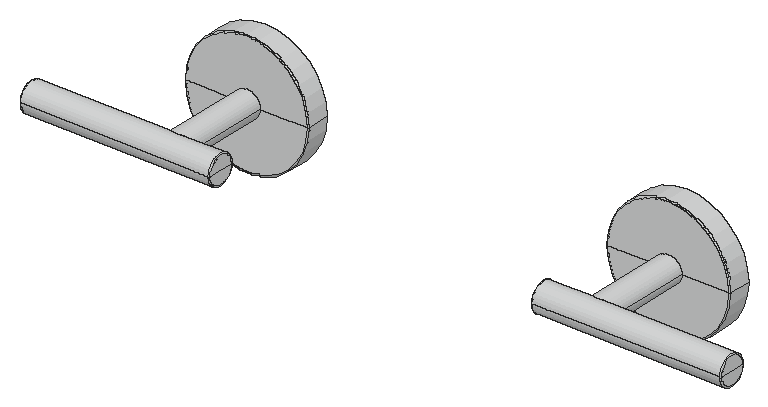
Revit family "Tap_Wall_Nero_Mecca", category Plumbing Fixtures, Revit 2022
Family settings
  Round Connector Dimension = Use Diameter
  Part Type = Normal
  OmniClass Number = 23.31.11.19
  OmniClass Title = Faucet Mixing Valves
  Work Plane-Based = No
  Always vertical = Yes
  Cut with Voids When Loaded = Yes
  Maintain Annotation Orientation = No
  Shared = No
  Room Calculation Point = No
Parameters (values of type "Chrome (25D012CH)")
  Waste Connection = no
  WFU = 0
  Vent Connection = no
  Uniclass2015Version = "Products v1.35"
  Uniclass2015Title = "Taps and water supply outlet fittings"
  Uniclass2015Code = "Pr_40_20_87"
  URL = "https://nerotapware.com.au/"
  Type Comments = "Tap - Wall - Chrome"
  ModifiedIssue = 20251009
  Model = "25D012CH"
  Material = Metal_Chrome_Nero
  ManufacturerURLProductSpecific = ""
  ManufacturerSpecCode = Model  # "25D012CH"
  ManufacturerOverallWidth = 340 mm  # constant formula
  ManufacturerOverallHeight = 60 mm  # constant formula
  ManufacturerOverallDepth = 64 mm  # constant formula
  Manufacturer = "Nero"
  IfcExportType = "MIXING"
  IfcExportAs = "IfcValve"
  HWFU = 0
  HW Connection = yes
  Description = "Mecca Wall Top Assemby Chrome"
  Default Elevation = 1050 mm
  CreatedByURL = "https://igsgroup.com.au"
  CreatedBy = "IGS BIM Solutions"  # constant formula
  CWFU = 0
  CW Connection = yes
  Assembly Code = "D2010"
Types (7, lengths in mm): name | Type Comments | Model | Material | ManufacturerSpecCode | Description
  Chrome (25D012CH) | "Tap - Wall - Chrome" | "25D012CH" | Metal_Chrome_Nero | "25D012CH" | "Mecca Wall Top Assemby Chrome"
  Matte Black (25D012MB) | "Tap - Wall - Matte Black" | "25D012MB" | Metal_MatteBlack_Nero | "25D012MB" | "Mecca Wall Top Assemby Matte Black"
  Brushed Nickel (25D012BN) | "Tap - Wall - Brushed Nickel" | "25D012BN" | Metal_Nickel_Nero_Brushed | "25D012BN" | "Mecca Wall Top Assemby Brushed Nickel"
  Gun Metal (25D012GM) | "Tap - Wall - Gun Metal" | "25D012GM" | Metal_GunMetal_Nero | "25D012GM" | "Mecca Wall Top Assemby Gun Metal"
  Brushed Gold (25D012BG) | "Tap - Wall - Brushed Gold" | "25D012BG" | Metal_Gold_Nero_Brushed | "25D012BG" | "Mecca Wall Top Assemby Brushed Gold"
  Brushed Bronze (25D012BZ) | "Tap - Wall - Brushed Bronze" | "25D012BZ" | Metal_Bronze_Nero_Brushed | "25D012BZ" | "Mecca Wall Top Assemby Brushed Bronze"
  Matte White (25D012MW) | "Tap - Wall - Matte White" | "25D012MW" | Metal_MatteWhite_Nero | "25D012MW" | "Mecca Wall Top Assemby Matte White"
Reference planes
  plane 1 "Bottom": z = -30
  plane 2 "Center (Left/Right)": x = 0.115
  plane 3 "Center (Elevation)": z = 0
  plane 4 "Right": x = 170.115
  plane 5 "Left": x = -169.885
  plane 6 "Front": y = 6.962
  plane 7 "Back": y = 70.962
  plane 8 "Top": z = 30
Forms (mm)
  Extrusion 1, solid, material "Metal_Chrome_Nero" <- "Material"
    sketch origin (636.296, 70.962, -1185) x (1, 0, 0) y (0, 0, 1)
      loop
        circle (-533.968, 1185) r 6.35
      loop
        circle (-738.395, 1185) r 6.35
    from 0 to -1
  Extrusion 2, void
    sketch origin (636.296, 70.962, -1185) x (1, 0, 0) y (0, 0, 1)
      loop
        circle (-738.395, 1185) r 15
      loop
        circle (-533.968, 1185) r 15
    from 0 to -30
  Revolve 3, solid, material "Metal_Chrome_Nero" <- "Material"
    sketch origin (28, 0, 0) x (1, 0, 0) y (0, 1, 0)
      loop
        line (-100.135, 70.962) -> (-130.135, 70.962) -> (-130.135, 13.962) -> (-123.635, 13.962) -> (-123.635, 59.962) -> (-100.635, 59.962)
        arc (-100.635, 59.962) -> (-100.281, 60.109) -> (-100.135, 60.462) r 0.5
        line (-100.135, 60.462) -> (-100.135, 70.962)
      axis (-130.135, 13.962) -> (-130.135, 70.962)
    angle from 0 to 360
  Revolve 4, solid, material "Metal_Chrome_Nero" <- "Material"
    sketch origin (28, 0, 0) x (1, 0, 0) y (0, 1, 0)
      loop
        line (-106, 13.962) -> (-106, 20.462)
        arc (-106, 20.462) -> (-106.146, 20.816) -> (-106.5, 20.962) r 0.5
        line (-106.5, 20.962) -> (-197.385, 20.962)
        arc (-197.385, 20.962) -> (-197.739, 20.816) -> (-197.885, 20.462) r 0.5
        line (-197.885, 20.462) -> (-197.885, 13.962) -> (-106, 13.962)
      axis (-106, 13.962) -> (-197.885, 13.962)
    angle from 0 to 360
  Revolve 5, solid, material "Metal_Chrome_Nero" <- "Material"
    sketch origin (-27.77, 0, 0) x (1, 0, 0) y (0, 1, 0)
      loop
        line (100.135, 70.962) -> (100.135, 60.462)
        arc (100.135, 60.462) -> (100.281, 60.109) -> (100.635, 59.962) r 0.5
        line (100.635, 59.962) -> (123.635, 59.962) -> (123.635, 13.962) -> (130.135, 13.962) -> (130.135, 70.962) -> (100.135, 70.962)
      axis (130.135, 13.962) -> (130.135, 70.962)
    angle from 0 to 360
  Revolve 6, solid, material "Metal_Chrome_Nero" <- "Material"
    sketch origin (-27.77, 0, 0) x (1, 0, 0) y (0, 1, 0)
      loop
        line (106, 13.962) -> (197.885, 13.962) -> (197.885, 20.462)
        arc (197.885, 20.462) -> (197.739, 20.816) -> (197.385, 20.962) r 0.5
        line (197.385, 20.962) -> (106.5, 20.962)
        arc (106.5, 20.962) -> (106.146, 20.816) -> (106, 20.462) r 0.5
        line (106, 20.462) -> (106, 13.962)
      axis (106, 13.962) -> (197.885, 13.962)
    angle from 0 to 360
Cuts and joins
  Extrusion 2 cuts Revolve 3
  joined: Revolve 3, Revolve 4
  joined: Revolve 5, Revolve 6
Lines and regions (mm)
  Masking region 1
    outline origin (0, 0, 30) x (0, 1, 0) y (-1, 0, 0)
      loop
        line (70.962, 132.135) -> (60.462, 132.135)
        arc (60.462, 132.135) -> (60.109, 131.989) -> (59.962, 131.635) r 0.5
        line (59.962, 131.635) -> (59.962, 108.635) -> (20.962, 108.635) -> (20.962, 169.385)
        arc (20.962, 169.385) -> (20.816, 169.739) -> (20.462, 169.885) r 0.5
        line (20.462, 169.885) -> (7.462, 169.885)
        arc (7.462, 169.885) -> (7.109, 169.739) -> (6.962, 169.385) r 0.5
        line (6.962, 169.385) -> (6.962, 78.5)
        arc (6.962, 78.5) -> (7.109, 78.146) -> (7.462, 78) r 0.5
        line (7.462, 78) -> (20.462, 78)
        arc (20.462, 78) -> (20.816, 78.146) -> (20.962, 78.5) r 0.5
        line (20.962, 78.5) -> (20.962, 95.635) -> (59.962, 95.635) -> (59.962, 72.635)
        arc (59.962, 72.635) -> (60.109, 72.281) -> (60.462, 72.135) r 0.5
        line (60.462, 72.135) -> (70.962, 72.135) -> (70.962, 132.135)
      loop
        line (70.962, -132.365) -> (70.962, -72.365) -> (60.462, -72.365)
        arc (60.462, -72.365) -> (60.109, -72.511) -> (59.962, -72.865) r 0.5
        line (59.962, -72.865) -> (59.962, -95.865) -> (20.962, -95.865) -> (20.962, -78.73)
        arc (20.962, -78.73) -> (20.816, -78.376) -> (20.462, -78.23) r 0.5
        line (20.462, -78.23) -> (7.462, -78.23)
        arc (7.462, -78.23) -> (7.109, -78.376) -> (6.962, -78.73) r 0.5
        line (6.962, -78.73) -> (6.962, -169.615)
        arc (6.962, -169.615) -> (7.109, -169.969) -> (7.462, -170.115) r 0.5
        line (7.462, -170.115) -> (20.462, -170.115)
        arc (20.462, -170.115) -> (20.816, -169.969) -> (20.962, -169.615) r 0.5
        line (20.962, -169.615) -> (20.962, -108.865) -> (59.962, -108.865) -> (59.962, -131.865)
        arc (59.962, -131.865) -> (60.109, -132.219) -> (60.462, -132.365) r 0.5
        line (60.462, -132.365) -> (70.962, -132.365)
  symbolic lines, style "Taps/Mixers", detail levels medium+fine
    curve 1: line (95.829, 59.962, 30) -> (108.926, 59.962, 30)
    curve 2: line (-108.635, 59.962, 30) -> (-95.635, 59.962, 30)
    curve 3: line (-95.635, 20.962, 30) -> (-108.635, 20.962, 30)
    curve 4: line (95.865, 20.962, 30) -> (108.865, 20.962, 30)
Text (mm)
  text "Disclaimer:\nDue to ongoing product development and manufacturing evolution, product details are subject to change without notice. Please refer to product technical data sheets on the manufacturers website for the most current product information. Please allow a +/- 5mm manufacturing tolerance for dimensions and set-outs shown in product literature." at (347.32, 148.915, 0), in view "Ref. Level"
Dimensions and locks
  equal spacing: plane 5 "Left", plane 2 "Center (Left/Right)", plane 4 "Right"
  "ManufacturerOverallWidth": plane 5 "Left" to plane 4 "Right"
  "ManufacturerOverallHeight": plane 8 "Top" to plane 1 "Bottom"
  "ManufacturerOverallDepth": plane 6 "Front" to plane 7 "Back"
Automatic sketch dimensions
  Extrusion 1 sketch curve to level = 0 mm  (x2)
  Extrusion 1 sketch curve to plane 5 "Left" = 67.786 mm
  Extrusion 1 sketch curve to plane 4 "Right" = 67.786 mm
  Extrusion 2 sketch curve to level = 0 mm  (x2)
  Extrusion 2 sketch curve to plane 5 "Left" = 67.786 mm
  Extrusion 2 sketch curve to plane 4 "Right" = 67.786 mm
  plane 7 "Back" to Revolve 3 sketch curve = 0 mm
  Revolve 3 sketch curve to plane 6 "Front" = 7 mm
  Revolve 3 sketch curve to plane 5 "Left" = 67.75 mm
  Revolve 3 sketch curve to Revolve 3 sketch curve = 6.5 mm
  plane 7 "Back" to Revolve 3 sketch curve = 10.5 mm
  Revolve 3 sketch curve to Revolve 3 sketch curve = 23 mm
  Revolve 3 sketch curve to Revolve 3 sketch curve = 0.5 mm
  Revolve 3 sketch curve to Revolve 3 sketch curve = 0 mm
  Revolve 3 sketch curve to Revolve 3 sketch curve = 7.414 mm
  Revolve 3 sketch curve to plane 7 "Back" = 1.586 mm
  Revolve 4 sketch curve to plane 5 "Left" = 0 mm
  Revolve 4 sketch curve to Revolve 4 sketch curve = 0.5 mm  (x2)
  Revolve 4 sketch curve to plane 6 "Front" = 14 mm
  Revolve 4 sketch curve to plane 2 "Center (Left/Right)" = 78.615 mm
  Revolve 4 sketch curve to Revolve 4 sketch curve = 6.5 mm
  Revolve 4 sketch curve to plane 6 "Front" = 7 mm
  Revolve 4 sketch curve to Revolve 4 sketch curve = 37.781 mm
  Revolve 4 sketch curve to Revolve 4 sketch curve = 0 mm
  curve 3 to plane 6 "Front" = 14 mm
  plane 7 "Back" to curve 1 = 11 mm
  curve 1 to plane 4 "Right" = 61.189 mm
  plane 7 "Back" to curve 2 = 11 mm
  curve 1 to curve 1 = 13.098 mm
  curve 2 to plane 5 "Left" = 74.25 mm
  curve 3 to curve 2 = 0 mm
  curve 3 to curve 3 = 13 mm
  curve 2 to curve 2 = 13 mm
  plane 7 "Back" to Revolve 5 sketch curve = 0 mm
  plane 2 "Center (Left/Right)" to Revolve 5 sketch curve = 72.25 mm
  Revolve 5 sketch curve to Revolve 5 sketch curve = 0.5 mm
  Revolve 5 sketch curve to plane 6 "Front" = 7 mm
  Revolve 5 sketch curve to Revolve 5 sketch curve = 23 mm
  Revolve 5 sketch curve to Revolve 5 sketch curve = 6.5 mm
  plane 7 "Back" to Revolve 5 sketch curve = 11 mm
  Revolve 5 sketch curve to Revolve 5 sketch curve = 0 mm
  Revolve 5 sketch curve to Revolve 5 sketch curve = 7.414 mm
  Revolve 5 sketch curve to plane 7 "Back" = 1.586 mm
  Revolve 6 sketch curve to plane 4 "Right" = 0 mm
  Revolve 6 sketch curve to plane 4 "Right" = 0.5 mm
  Revolve 6 sketch curve to plane 6 "Front" = 14 mm
  plane 2 "Center (Left/Right)" to Revolve 6 sketch curve = 78.615 mm
  Revolve 6 sketch curve to Revolve 6 sketch curve = 0.5 mm
  Revolve 6 sketch curve to Revolve 6 sketch curve = 6.5 mm
  Revolve 6 sketch curve to plane 6 "Front" = 7 mm
  Revolve 6 sketch curve to Revolve 6 sketch curve = 37.781 mm
  Revolve 6 sketch curve to Revolve 6 sketch curve = 0 mm
  plane 6 "Front" to Masking region 1 sketch curve = 0 mm  (x2)
  Masking region 1 sketch curve to plane 4 "Right" = 0 mm
  Masking region 1 sketch curve to plane 5 "Left" = 0 mm
  plane 7 "Back" to Masking region 1 sketch curve = 0 mm  (x2)
  Masking region 1 sketch curve to plane 6 "Front" = 0.5 mm  (x2)
  Masking region 1 sketch curve to Masking region 1 sketch curve = 0.5 mm  (x7)
  Masking region 1 sketch curve to plane 5 "Left" = 0.5 mm
  Masking region 1 sketch curve to Masking region 1 sketch curve = 13 mm  (x6)
  Masking region 1 sketch curve to plane 4 "Right" = 0.5 mm
  Masking region 1 sketch curve to Masking region 1 sketch curve = 0 mm
  plane 7 "Back" to Masking region 1 sketch curve = 11 mm  (x4)
  Masking region 1 sketch curve to plane 4 "Right" = 37.75 mm
  Masking region 1 sketch curve to Masking region 1 sketch curve = 23 mm  (x4)
  Masking region 1 sketch curve to Masking region 1 sketch curve = 17.135 mm
  Masking region 1 sketch curve to plane 2 "Center (Left/Right)" = 72.25 mm
  Masking region 1 sketch curve to Masking region 1 sketch curve = 5.365 mm
  curve 4 to plane 6 "Front" = 14 mm
  curve 1 to curve 4 = 0.061 mm
  curve 4 to curve 4 = 13 mm
  radius of Extrusion 1 sketch curve = 6.35 mm  (x2)
  radius of Extrusion 2 sketch curve = 15 mm  (x2)
Connectors
  piping at (102.329, 71.962, 0), diameter 12.7, driven by "CW Connection"
    settings: on Extrusion 1, index 1, connector inside diameter 609.6 mm, connector length 0 mm, flow factor 0, pipe flow 0.0 L/s, pressure drop 0.0 Pa, fitting loss kfactor 0, connector angle 0.00°, fixture units 0, engagement length 0 mm, angle of deflection 0.00°, flow configuration 2, flow direction 1, fitting loss method 0, system type 20, joint type 0, gender type 0, connector reference index -1, connector utility 1, adjustable connector no, is connector primary yes, connector description "Cold Water Supply"
  piping at (-102.099, 71.962, 0), diameter 12.7, driven by "HW Connection"
    settings: on Extrusion 1, index 2, connector inside diameter 609.6 mm, connector length 0 mm, flow factor 0, pipe flow 0.0 L/s, pressure drop 0.0 Pa, fitting loss kfactor 0, connector angle 0.00°, fixture units 0, engagement length 0 mm, angle of deflection 0.00°, flow configuration 2, flow direction 1, fitting loss method 0, system type 19, joint type 0, gender type 0, connector reference index -1, connector utility 1, adjustable connector no, is connector primary no, connector description "Hot Water Supply"
